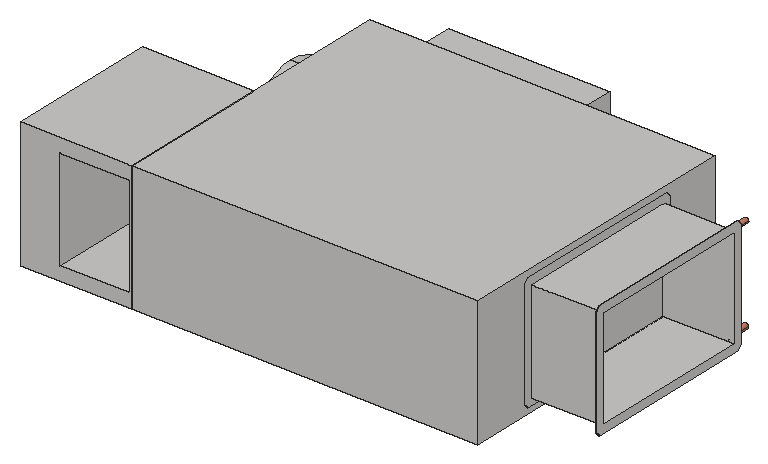
Revit family
Parameters
  Width = 3' - 1"
  Voltage = 120 V
  Unit Weight = if(and(Size Option = 1, Number of Rows = 1), "189.0 lbs", if(and(Size Option = 1, Number of Rows = 2), "192.0 lbs", if(and(Size Option = 2, Number of Rows = 1), "194.0 lbs", if(and(Size Option = 2, Number of Rows = 2), "197.0 lbs", "0"))))  # "194.0 lbs"
  UltraLoc Liner = Choose Liner Option = 3  # no
  URL = "http://www.titus-hvac.com/"
  UL = "181"
  Supply Air Flow [instance] = 0 CFM
  SteriLoc Liner = Choose Liner Option = 2  # no
  Size Option = 2
  Size C = Size Option = 2  # yes
  Size B = Size Option = 1  # no
  Secondary Material = Copper Connectors
  Primary Air Pressure Drop [instance] = 0.00 in-wg
  Primary Air Flow [instance] = 0 CFM
  Pressure [instance] = 0.00 psi
  Plenum Air Pressure Drop [instance] = 0.00 in-wg
  Plenum Air Flow [instance] = 0 CFM
  Outlet Width = 1' - 8 1/2"
  Outlet Height = 1' - 0 1/2"
  Number of Rows = 1
  Number of Poles = 1
  Nominal Width = Width + 0' 6 1/4"  # 3' - 7 1/4"
  Nominal Length = Length + 1' 1 7/8" + 0' 9"  # 5' - 5 7/8"
  Nominal Inlet Size = 1' - 0"
  Nominal Height = 1' - 4"
  NFPA = "90A"
  Motor Full Load Amps [instance] = 4 A
  Model = "DTFS-F"
  Min. Air Flow = 0 CFM
  Max. Air Flow = 2000 CFM
  Material = Galvanized Steel
  Manufacturer = "Titus"
  Length = 3' - 7"
  Juction Box Offset = 0' - 4 7/8"
  Inlet Diameter = Nominal Inlet Size - 0' 0 1/8"  # 0' - 11 7/8"
  Induced Air Inlet Width = 1' - 1 7/8"
  Induced Air Inlet Offset = (Height - Induced Air Inlet Connection Height) / 2  # 0' - 1 11/16"
  Induced Air Inlet Height = 1' - 7"
  Induced Air Inlet Connection Width = 0' - 8 3/4"
  Induced Air Inlet Connection Height = 1' - 0 5/8"
  Induced Air Filter = no
  Height = 1' - 4"
  Heating Total Capacity [instance] = 0 Btu/h
  Heating Entering Water Temp = 0 °F
  Half Outlet Connection Width = Outlet Width / 2  # 0' - 10 1/4"
  Half Outlet Connection Height = Outlet Height / 2  # 0' - 6 1/4"
  Half Height Start = -(Height / 2)  # -0' - 8"
  Half Height End = Height / 2  # 0' - 8"
  HWC Option = HWC Section : B-C - 1 Row
  HWC Connector Radius = 5/16"
  HP-Motor = "1/4"
  Gallons Per Minute [instance] = 0 GPM
  Frequency = 60 Hz
  Flange Offset = 0' - 1"
  Filter Size = "11\"x14\""
  Fiber Free Liner = Choose Liner Option = 1  # no
  Fan Disconnect Switch = no
  Duct Radius = Nominal Inlet Size / 2  # 0' - 6"
  Description = "Ultra Quiet Series Fan Powered Terminal Unit, Direct Digital Control, Pressure Independent"
  Connector Vertical Offset = 0' - 11 3/4"
  HWC Connector Length = 0' - 3"
  Connector Horizontal Offset = if(Number of Rows = 1, 0' 0", if(Number of Rows = 2, 0' 1", 0' 0"))  # 0' - 0"
  Connection Void Radius = Connection Radius - 0' 0 1/4"  # 0' - 5 11/16"
  Connection Radius = Inlet Diameter / 2  # 0' - 5 15/16"
  Choose Liner Option = 0
  CADworks URL = "www.CADworks.net"
  Assembly Code = "D3040100"
  Apparent Power [instance] = Voltage * Motor Full Load Amps  # 480 VA
  Air Inlet Offset = 0' - 8"
  1/2" Fiberglass Liner = Choose Liner Option = 0  # yes
  1" Fiberglass Liner = Choose Liner Option = 4  # no
Reference planes (in)
  plane 1 "Center (Front/Back)": y = 0
  plane 2: z = 0
  plane 3 "Center (Left/Right)": x = 3
  plane 4: x = -18.5
  plane 5: x = 24.5
  plane 6: x = -13.625
  plane 7: x = -21.875
  plane 8: z = 0
  plane 9: y = -18.5
  plane 10: y = 18.5
  plane 11: y = 10.5
  plane 12: z = 0
  plane 13: x = 33.5
  plane 14: x = 32.5
  plane 15: y = 13.25
  plane 16: y = 10.25
  plane 17: z = 5.875
  plane 18: z = -5.875
  plane 19: x = 32.5
  plane 20: y = 24.75
  plane 21: x = -32.375
  plane 22: z = 8
  plane 23: z = -8
Forms (in)
  Extrusion 1, solid, material "Galvanized Steel" <- "Material"
    sketch origin (0, 0, 0) x (1, 0, 0) y (0, 1, 0)
      loop
        line (-18.5, 18.5) -> (-18.5, -18.5) -> (24.5, -18.5) -> (24.5, 18.5) -> (-18.5, 18.5)
    from -8 <- "Half Height Start" to 8 <- "Half Height End"
  Extrusion 2, solid, material "Galvanized Steel" <- "Material"
    sketch origin (0, 0, 0) x (1, 0, 0) y (0, 1, 0)
      loop
        line (-32.375, 0.5) -> (-32.375, -18.5) -> (-18.5, -18.5) -> (-18.5, 0.5) -> (-32.375, 0.5)
    from -8 <- "Half Height Start" to 8 <- "Half Height End"
  Extrusion 3, void
    sketch origin (0, -18.5, 0) x (1, 0, 0) y (0, 0, -1)
      loop
        line (-18.75, 6.3125) -> (-27.5, 6.3125) -> (-27.5, -6.3125) -> (-18.75, -6.3125) -> (-18.75, 6.3125)
    from 0 to 16
  Extrusion 4, solid, material "Galvanized Steel" <- "Material"
    sketch origin (5, 0, 30) x (1, 0, 0) y (0, 1, 0)
      loop
        line (-18.625, 18.5) -> (1.375, 18.5) -> (1.375, 24.75) -> (-18.625, 24.75) -> (-18.625, 18.5)
    from -36 to -24
  Extrusion 5, solid, material "Galvanized Steel" <- "Material"
    sketch origin (-24.875, -2, 0) x (0, 0, -1) y (0, 1, 0)
      loop
        circle (0, 12.5) r 5.9375
    from 3 to 6.375
  Extrusion 6, void
    sketch origin (-24.875, 0, 0) x (0, 1, 0) y (0, 0, 1)
      loop
        circle (10.5, 0) r 5.6875
    from 3 to 11.25
  Extrusion 7, void, detail levels fine
    sketch origin (33.5, -10.25, 6.25) x (0, 0, 1) y (0, -1, 0)
      loop
        line (-12.5, 0) -> (-12.5, -20.5) -> (0, -20.5) -> (0, 0) -> (-12.5, 0)
    from -0.0625 to 0
  Extrusion 8, solid, material "Copper Connectors" <- "Secondary Material", detail levels fine
    sketch origin (0, 0, 0) x (1, 0, 0) y (0, 0, 1)
      loop
        circle (32.5, 5.875) r 0.3125
    from -13.25 to -10.3125
  Extrusion 9, solid, material "Copper Connectors" <- "Secondary Material", detail levels fine
    sketch origin (0, 0, 0) x (1, 0, 0) y (0, 0, 1)
      loop
        circle (32.5, -5.875) r 0.3125
    from -13.25 to -10.3125
Cuts and joins
  Extrusion 3 cuts Extrusion 2
  Extrusion 6 cuts Extrusion 1
  Extrusion 6 cuts Extrusion 5
Dimensions and locks (in)
  "Length": plane 5 to plane 4
  equal spacing: plane 5, plane 3 "Center (Left/Right)", plane 4
  locked: Extrusion 4 to plane 6 at 0
  locked: Extrusion 4 to Extrusion 4 at 20
  "Juction Box Offset": plane 6 to plane 4
  locked: plane 4 to plane 7 at 3.375
  "Width": plane 9 to plane 10
  equal spacing: plane 9, plane 1 "Center (Front/Back)", plane 10
  locked: Extrusion 5 sketch curve to level at 0
  locked: Extrusion 5 sketch curve to plane 11 at 0
  locked: Extrusion 6 sketch curve to level at 0
  locked: Extrusion 6 sketch curve to plane 11 at 0
  locked: Extrusion 4 to Extrusion 4 at 6.25
  locked: Extrusion 4 to Extrusion 4 at 12
  equal spacing: Extrusion 4, plane 8, Extrusion 4
  "Air Inlet Offset": plane 10 to plane 11
  "Induced Air Inlet Height": cut or joined group of Extrusion 2, Extrusion 3 to cut or joined group of Extrusion 2, Extrusion 3
  locked: cut or joined group of Extrusion 5, Extrusion 6 to cut or joined group of Extrusion 5, Extrusion 6 at 3.375
  "Induced Air Inlet Connection Height": Extrusion 3 sketch curve to Extrusion 3 sketch curve
  "Induced Air Inlet Offset": Extrusion 3 sketch curve to cut or joined group of Extrusion 2, Extrusion 3
  "Induced Air Inlet Connection Width": Extrusion 3 sketch curve to Extrusion 3 sketch curve
  locked: Extrusion 3 sketch curve to cut or joined group of Extrusion 1, Extrusion 6 at 0.25
  locked: plane 5 to plane 13 at 9
  locked: plane 14 to plane 13 at 1
  locked: plane 17 to plane 18 at 11.75
  equal spacing: plane 17, plane 12, plane 18
  "Connector Horizontal Offset": plane 19 to plane 14
  "HWC Connector Length": plane 16 to plane 15
  locked: cut or joined group of Extrusion 2, Extrusion 3 to cut or joined group of Extrusion 2, Extrusion 3 at 16
  equal spacing: cut or joined group of Extrusion 2, Extrusion 3, plane 12, cut or joined group of Extrusion 2, Extrusion 3
  locked: cut or joined group of Extrusion 1, Extrusion 6 to cut or joined group of Extrusion 2, Extrusion 3 at 16
  equal spacing: cut or joined group of Extrusion 1, Extrusion 6, plane 12, cut or joined group of Extrusion 1, Extrusion 6
  locked: cut or joined group of Extrusion 2, Extrusion 3 to cut or joined group of Extrusion 2, Extrusion 3 at 13.875
  locked: nested 1 to cut or joined group of Extrusion 1, Extrusion 6 at 1.6875
  locked: cut or joined group of Extrusion 1, Extrusion 6 to nested 1 at 1.6875
  "Connection Radius": radius of Extrusion 5 sketch curve
  "Connection Void Radius": radius of Extrusion 6 sketch curve
  "HWC Connector Radius": radius of Extrusion 8 sketch curve
  "HWC Connector Radius": radius of Extrusion 9 sketch curve
  aligned and locked: plane 10 to Extrusion 4
  aligned and locked: plane 7 to cut or joined group of Extrusion 5, Extrusion 6
  aligned and locked: plane 9 to cut or joined group of Extrusion 2, Extrusion 3  (x3)
  aligned and locked: nested 1 to Extrusion 8
  aligned and locked: plane 15 to Extrusion 8
  aligned and locked: nested 1 to Extrusion 9
  aligned and locked: plane 15 to Extrusion 9
  aligned and locked: plane 5 to cut or joined group of Extrusion 1, Extrusion 6
  aligned and locked: cut or joined group of Extrusion 1, Extrusion 6 to plane 10
  aligned and locked: plane 9 to cut or joined group of Extrusion 1, Extrusion 6
  aligned and locked: cut or joined group of Extrusion 1, Extrusion 6 to plane 4
  aligned and locked: cut or joined group of Extrusion 1, Extrusion 6 to nested 1
  aligned and locked: cut or joined group of Extrusion 5, Extrusion 6 to cut or joined group of Extrusion 1, Extrusion 6
  aligned and locked: cut or joined group of Extrusion 2, Extrusion 3 to cut or joined group of Extrusion 1, Extrusion 6
  aligned and locked: plane 22 to cut or joined group of Extrusion 2, Extrusion 3
  aligned and locked: plane 22 to cut or joined group of Extrusion 1, Extrusion 6
  aligned and locked: plane 23 to cut or joined group of Extrusion 2, Extrusion 3
  aligned and locked: plane 23 to cut or joined group of Extrusion 1, Extrusion 6
  aligned and locked: plane 20 to Extrusion 4
  aligned and locked: plane 21 to cut or joined group of Extrusion 2, Extrusion 3
  aligned and locked: plane 13 to nested 1
  aligned and locked: plane 6 to Extrusion 6
  aligned and locked: Extrusion 6 to plane 7
Automatic sketch dimensions
  Extrusion 1 sketch curve to plane 4 = 0' - 0"
  Extrusion 1 sketch curve to plane 5 = 0' - 0"
  Extrusion 1 sketch curve to plane 9 = 0' - 0"
  Extrusion 1 sketch curve to plane 10 = 0' - 0"
  Extrusion 2 sketch curve to plane 4 = 0' - 0"
  Extrusion 2 sketch curve to plane 9 = 0' - 0"
  Extrusion 2 sketch curve to plane 1 "Center (Front/Back)" = 0' - 0 1/2"
  Extrusion 4 sketch curve to plane 6 = 0' - 0"
  Extrusion 4 sketch curve to plane 10 = 0' - 0"
  plane 3 "Center (Left/Right)" to Extrusion 4 sketch curve = 0' - 3 3/8"
  Extrusion 4 sketch curve to plane 10 = 0' - 6 1/4"
  Extrusion 2 sketch curve to plane 7 = 0' - 10 1/2"
  Extrusion 7 sketch curve to nested 1 = 0' - 0"  (x4)
  Extrusion 8 sketch curve to plane 17 = 0' - 0"
  Extrusion 8 sketch curve to plane 19 = 0' - 0"
  Extrusion 9 sketch curve to plane 14 = 0' - 0"
  Extrusion 9 sketch curve to plane 18 = 0' - 0"
Nested families (in)
  nested 1: "HWC Section" at (29, 0, 0) x (0, 1, 0) z (0, 0, 1), type <- "HWC Option", type "B-C - 1 Row"
Connectors (in)
  electrical at (-3.625, 24.75, 0), driven by "Apparent Power", driven by "Voltage", driven by "Number of Poles"
    settings: on Extrusion 4, index 8
  hvac at (-21.875, 10.5, 0), driven by "Duct Radius", driven by "Primary Air Pressure Drop", driven by "Primary Air Flow"
    settings: on cut or joined group of Extrusion 5, Extrusion 6, index 9
  hvac at (-23.125, -18.5, 0), driven by "Induced Air Inlet Connection Height", driven by "Induced Air Inlet Connection Width", driven by "Plenum Air Pressure Drop", driven by "Plenum Air Flow"
    settings: on cut or joined group of Extrusion 2, Extrusion 3, index 10
  hvac at (33.5, 0, 0), driven by "Outlet Height", driven by "Outlet Width", driven by "Supply Air Flow"
    settings: on Extrusion 7, index 11
  piping at (32.5, 13.25, 5.875), driven by "Gallons Per Minute", driven by "Pressure", driven by "HWC Connector Radius"
    settings: on Extrusion 8, index 12
  piping at (32.5, 13.25, -5.875), driven by "Gallons Per Minute", driven by "HWC Connector Radius", driven by "Pressure"
    settings: on Extrusion 9, index 13
Definition of nested family "HWC Section"
  Parameters (values of type "B-C - 1 Row")
    Visibility = yes
    Secondary Material = Copper Connectors
    Number of Rows = 1
    Material = Galvanized Steel
    Half Width = HWC Width / 2  # 0' - 10 1/4"
    Half Length-Start = -(HWC Length / 2)  # -0' - 4 1/2"
    Half Length-End = HWC Length / 2  # 0' - 4 1/2"
    HWC Connection Radius = 5/16"
    Flange Offset = 0' - 1"
    Duct Vertical Offset = HWC Height - 0' 0 1/2"  # 1' - 0"
    Duct Horizontal Offset = HWC Width - 0' 0 1/2"  # 1' - 8"
    Connector Vertical Offset = 0' - 11 3/4"
    HWC Width = 1' - 8 1/2"
    HWC Height = 1' - 0 1/2"
    HWC Length = 0' - 9"  # constant formula
    Gallons Per Minute = 0 GPM
    Connector Length = 0' - 3"
    Connector Horizontal Offset = 0' - 0"
  Types (5): name | Number of Rows | Half Width | Flange Offset | Duct Vertical Offset | Duct Horizontal Offset | Connector Vertical Offset | HWC Width | HWC Height | Connector Horizontal Offset
    (no name) | 1 | 0' - 10 1/4" | 0' - 1" | 1' - 0" | 1' - 8" | 0' - 11 3/4" | 1' - 8 1/2" | 1' - 0 1/2" | 0' - 0"
    B-C - 1 Row | 1 | 0' - 10 1/4" | 0' - 1" | 1' - 0" | 1' - 8" | 0' - 11 3/4" | 1' - 8 1/2" | 1' - 0 1/2" | 0' - 0"
    B-C - 2 Row | 2 | 0' - 10 1/4" | 0' - 1" | 1' - 0" | 1' - 8" | 0' - 11 3/4" | 1' - 8 1/2" | 1' - 0 1/2" | 0' - 1"
    D-E - 1 Row | 1 | 1' - 0 1/2" | 0' - 1 1/4" | 1' - 5" | 2' - 0 1/2" | 1' - 4 1/4" | 2' - 1" | 1' - 5 1/2" | 0' - 0"
    D-E - 2 Row | 2 | 1' - 0 1/2" | 0' - 1 1/4" | 1' - 5" | 2' - 0 1/2" | 1' - 4 3/4" | 2' - 1" | 1' - 5 1/2" | 0' - 1"
  Reference planes (in)
    plane 1 "Center (Front/Back)": y = 0
    plane 2: z = 0
    plane 3 "Center (Left/Right)": x = 0
    plane 4: x = -10.25
    plane 5: x = 10.25
    plane 6: y = 4.5
    plane 7: y = -4.5
    plane 8: z = 6.25
    plane 9: z = -6.25
    plane 10: z = 5.875
    plane 11: z = -5.875
    plane 12: y = 3.5
    plane 13: y = 3.5
    plane 14: x = 13.25
  Forms (in)
    Extrusion 1, solid, material "Galvanized Steel" <- "Material", visible <- "Visibility"
      sketch origin (0, 0, 0) x (1, 0, 0) y (0, 0, 1)
        loop
          line (-10.3125, 6.3125) -> (-10.3125, -6.3125) -> (10.3125, -6.3125) -> (10.3125, 6.3125) -> (-10.3125, 6.3125)
      from -4.375 <- "Half Length-Start" to 4.5 <- "Half Length-End"
    Extrusion 2, void, detail levels fine
      sketch origin (0, 0, 0) x (1, 0, 0) y (0, 0, 1)
        loop
          line (-10.25, -6.25) -> (10.25, -6.25) -> (10.25, 6.25) -> (-10.25, 6.25) -> (-10.25, -6.25)
      from -4.5 <- "Half Length-Start" to 4.5 <- "Half Length-End"
    Extrusion 3, solid, material "Copper Connectors" <- "Secondary Material", visible <- "Visibility"
      sketch origin (6, 2.625, 0) x (0, 1, 0) y (0, 0, 1)
        loop
          circle (0.875, -5.875) r 0.3125
      from 4.3125 to 7.25
    Extrusion 4, solid, material "Galvanized Steel" <- "Material", visible <- "Visibility"
      sketch origin (0, -4.375, 0) x (1, 0, 0) y (0, 0, 1)
        loop
          line (-10.25, 6.25) -> (-10.25, -6.25) -> (10.25, -6.25) -> (10.25, 6.25) -> (-10.25, 6.25)
        loop
          line (-11.25, 6.75) -> (-11.25, -6.75) -> (-10.75, -7.25) -> (10.75, -7.25) -> (11.25, -6.75) -> (11.25, 6.75) -> (10.75, 7.25) -> (-10.75, 7.25) -> (-11.25, 6.75)
      from 0 to 0.125
    Extrusion 5, solid, material "Copper Connectors" <- "Secondary Material", visible <- "Visibility"
      sketch origin (6, -0.5, 0) x (0, 1, 0) y (0, 0, 1)
        loop
          circle (4, 5.875) r 0.3125
      from 4.3125 to 7.25
    Extrusion 6, solid, material "Galvanized Steel" <- "Material", visible <- "Visibility"
      sketch origin (0, 4.375, 0) x (1, 0, 0) y (0, 0, -1)
        loop
          line (-10.25, -6.25) -> (10.25, -6.25) -> (10.25, 6.25) -> (-10.25, 6.25) -> (-10.25, -6.25)
        loop
          line (-11.25, -6.75) -> (-10.75, -7.25) -> (10.75, -7.25) -> (11.25, -6.75) -> (11.25, 6.75) -> (10.75, 7.25) -> (-10.75, 7.25) -> (-11.25, 6.75) -> (-11.25, -6.75)
      from 0 to 0.125
  Cuts and joins
    Extrusion 2 cuts Extrusion 1
    joined: Extrusion 1, Extrusion 4, Extrusion 6
  Dimensions and locks (in)
    "HWC Width": plane 4 to plane 5
    equal spacing: plane 4, plane 3 "Center (Left/Right)", plane 5
    "HWC Height": plane 8 to plane 9
    equal spacing: plane 8, plane 2, plane 9
    equal spacing: plane 10, plane 2, plane 11
    locked: plane 12 to plane 6 at 1
    "Connector Horizontal Offset": plane 13 to plane 12
    locked: plane 7 to Extrusion 4 at 0.125
    locked: Extrusion 6 to plane 6 at 0.125
    locked: plane 4 to Extrusion 1 sketch curve at 0.0625
    locked: Extrusion 4 to Extrusion 1 sketch curve at 0.0625
    locked: Extrusion 1 sketch curve to plane 8 at 0.0625
    locked: plane 9 to Extrusion 1 sketch curve at 0.0625
    "Connector Length": plane 5 to plane 14
    "HWC Length": plane 6 to plane 7
    equal spacing: plane 6, plane 1 "Center (Front/Back)", plane 7
    "Connector Vertical Offset": plane 10 to plane 11
    equal spacing: plane 10, level, plane 11
    "HWC Width": Extrusion 4 sketch curve to Extrusion 4 sketch curve
    equal spacing: Extrusion 4 sketch curve, plane 3 "Center (Left/Right)", Extrusion 4 sketch curve
    "HWC Height": Extrusion 4 sketch curve to Extrusion 4 sketch curve
    equal spacing: Extrusion 4 sketch curve, plane 2, Extrusion 4 sketch curve
    "Flange Offset": cut or joined group of Extrusion 1, Extrusion 2, Extrusion 4, Extrusion 6 to plane 8
    "Flange Offset": plane 9 to cut or joined group of Extrusion 1, Extrusion 2, Extrusion 4, Extrusion 6
    locked: cut or joined group of Extrusion 1, Extrusion 2, Extrusion 4, Extrusion 6 to plane 4 at 1  (x2)
    locked: cut or joined group of Extrusion 1, Extrusion 2, Extrusion 4, Extrusion 6 to plane 5 at 1  (x2)
    "HWC Width": Extrusion 6 sketch curve to Extrusion 6 sketch curve
    "HWC Height": Extrusion 6 sketch curve to Extrusion 6 sketch curve
    equal spacing: Extrusion 6 sketch curve, plane 3 "Center (Left/Right)", Extrusion 6 sketch curve
    equal spacing: Extrusion 6 sketch curve, plane 2, Extrusion 6 sketch curve
    "HWC Height": Extrusion 2 sketch curve to Extrusion 2 sketch curve
    "HWC Width": Extrusion 2 sketch curve to Extrusion 2 sketch curve
    equal spacing: Extrusion 2 sketch curve, plane 3 "Center (Left/Right)", Extrusion 2 sketch curve
    equal spacing: Extrusion 2 sketch curve, plane 2, Extrusion 2 sketch curve
    locked: plane 5 to Extrusion 3 at 0.0625
    locked: plane 5 to Extrusion 5 at 0.0625
    "Flange Offset": Extrusion 6 sketch curve to plane 8  (x2)
    "Flange Offset": plane 9 to Extrusion 6 sketch curve  (x2)
    "HWC Connection Radius": radius of Extrusion 3 sketch curve
    "HWC Connection Radius": radius of Extrusion 5 sketch curve
    aligned and locked: plane 7 to Extrusion 4
    aligned and locked: plane 6 to Extrusion 6
    aligned and locked: plane 14 to Extrusion 5
    aligned and locked: plane 14 to Extrusion 3
    aligned and locked: Extrusion 6 to cut or joined group of Extrusion 1, Extrusion 2, Extrusion 4, Extrusion 6
    aligned and locked: Extrusion 4 to Extrusion 4
  Automatic sketch dimensions
    Extrusion 3 sketch curve to plane 11 = 0' - 0"
    Extrusion 3 sketch curve to plane 12 = 0' - 0"
    plane 4 to Extrusion 4 sketch curve = 0' - 1"
    plane 4 to Extrusion 4 sketch curve = 0' - 0 1/2"  (x2)
    Extrusion 4 sketch curve to plane 5 = 0' - 0 1/2"  (x2)
    Extrusion 4 sketch curve to Extrusion 4 sketch curve = 0' - 0 1/2"  (x3)
    Extrusion 4 sketch curve to plane 9 = 0' - 0 1/2"  (x2)
    plane 8 to Extrusion 4 sketch curve = 0' - 0 1/2"  (x2)
    Extrusion 5 sketch curve to plane 10 = 0' - 0"
    Extrusion 5 sketch curve to plane 13 = 0' - 0"
    plane 4 to Extrusion 6 sketch curve = 0' - 1"
    plane 4 to Extrusion 6 sketch curve = 0' - 0 1/2"  (x2)
    Extrusion 6 sketch curve to plane 5 = 0' - 0 1/2"  (x2)
    Extrusion 6 sketch curve to Extrusion 6 sketch curve = 0' - 0 1/2"  (x2)
    plane 8 to Extrusion 6 sketch curve = 0' - 0 1/2"  (x2)
    Extrusion 6 sketch curve to plane 9 = 0' - 0 1/2"
